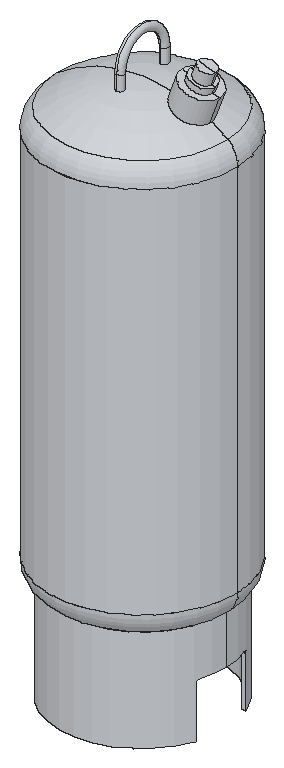
Revit family
Parameters (values of type "ST-50-L 150# W.P. 10 BAR")
  Weight = "76 lbs"
  Tank Volume = "13 Gal"
  Tank Only = 31.402"
  Tank Height/Length = 35.063"
  Tank Diameter = 12.000"
  Pipe Connector Diameter = Pipe Connection Radius * 2  # 1.000"
  Pipe Connection Radius = 0.500"
  Model = "ST-50-L"
  Maximum Acceptance Volume = "11 Gal"
  Max Operating Temp = "240 DEG F"
  Max Operating Pressure = "150 PSI"
  Manufacturer = "Amtrol"
  Lifting Ring Location = 3.500" / 2  # 1.750"
  Floor to Elbow Centerline = 1.688"
  Floor to Bottom of Tank = 3.661"
  Bladder/Diaphragm = "Bladder"
  ASME = yes
Reference planes (in)
  plane 1 "Center (Front/Back)": y = 0
  plane 2: z = 0
  plane 3 "Center (Left/Right)": x = 0
Forms (in)
  Revolve 1, solid
    sketch origin (0, 0, 0) x (1, 0, 0) y (0, 0, 1)
      loop
        line (3.20454, 4.357) -> (3.20454, 5.38871)
        arc (3.20454, 5.38871) -> (3.28098, 5.44343) -> (3.30625, 5.53397) r 0.14146
        arc (3.30625, 5.53397) -> (4.36924, 6.00724) -> (5.35602, 6.62385) r 8.34036
        arc (5.35602, 6.62385) -> (5.85151, 7.204) -> (6.02962, 7.94587) r 1.6341
        line (6.02962, 7.94587) -> (6.02962, 32.01863)
        arc (6.02962, 32.01863) -> (5.87295, 32.7404) -> (5.40065, 33.30822) r 1.55337
        arc (5.40065, 33.30822) -> (2.84317, 34.62525) -> (0, 35.063) r 8.95075
        line (0, 35.063) -> (0, 3.661) -> (3.19936, 3.661) -> (3.19936, 4.161) -> (2.165, 4.161) -> (2.165, 4.357) -> (3.20454, 4.357)
      axis (0, 3.661) -> (0, 35.063)
    angle from 0 to 360
  Revolve 2, solid
    sketch origin (0, 0, 0) x (1, 0, 0) y (0, 0, 1)
      loop
        line (3.1094, 34.2955) -> (4.28625, 33.86716) -> (4.88478, 35.51162) -> (4.468, 35.66332) -> (4.59637, 36.01603) -> (4.36507, 36.10022) -> (4.63254, 36.83509) -> (4.10378, 37.02755) -> (3.1094, 34.2955)
      axis (4.10378, 37.02755) -> (3.1094, 34.2955)
    angle from 0 to 360
  Revolve 3, solid
    sketch origin (0, 0, 0) x (1, 0, 0) y (0, 0, 1)
      loop
        line (-5.33638, 0) -> (-5.08638, 0) -> (-5.08638, 7.44707) -> (-5.33638, 7.44707) -> (-5.33638, 0)
      axis (0, 0) -> (0, 7.44707)
    angle from 0 to 360
  Revolve 4, solid
    sketch origin (0, 0, 0) x (1, 0, 0) y (0, 0, 1)
      loop
        line (0.6492, 3.3675) -> (0.6492, 4.19707) -> (0, 4.19707) -> (0, 3.3675) -> (0.6492, 3.3675)
      axis (0, 3.3675) -> (0, 4.19707)
    angle from 0 to 360
  Extrusion 5, void
    sketch origin (0, 0, 0) x (0, 1, 0) y (0, 0, 1)
      loop
        line (0, 3.5) -> (-1.75, 3.5)
        arc (-1.75, 3.5) -> (-1.92678, 3.42678) -> (-2, 3.25) r 0.25
        line (-2, 3.25) -> (-2, -0.25) -> (2, -0.25) -> (2, 3.25)
        arc (2, 3.25) -> (1.92678, 3.42678) -> (1.75, 3.5) r 0.25
        line (1.75, 3.5) -> (0, 3.5)
    from 2.84574 to 12
  Sweep 6, solid
    path origin (0, 0, 0) x (1, 0, 0) y (0, 0, 1)
      loop
        line (0, 3.188) -> (0, 2.886)
        arc (0, 2.886) -> (0.35089, 2.03889) -> (1.198, 1.688) r 1.198
        line (1.198, 1.688) -> (1.5, 1.688)
    profile origin (0, 0, 3.037) x (0, -1, 0) y (1, 0, 0)
      loop
        circle (0, 0) r 0.75
  Sweep 7, solid
    path origin (0, 0, 0) x (0, 1, 0) y (0, 0, 1)
      loop
        line (1.75, 35.08602) -> (1.75, 36.00246)
        arc (1.75, 36.00246) -> (0, 37.75246) -> (-1.75, 36.00246) r 1.75
        line (-1.75, 36.00246) -> (-1.75, 35.08602)
    profile origin (0, 1.75, 35.54424) x (0, -1, 0) y (1, 0, 0)
      loop
        circle (0, 0) r 0.25
Cuts and joins
  Extrusion 5 cuts Revolve 3
  Extrusion 5 cuts Revolve 4
Dimensions and locks (in)
  "Floor to Elbow Centerline": Sweep 6 sketch curve to cut or joined group of Revolve 3, Extrusion 5
  "Lifting Ring Location": Sweep 7 sketch curve to plane 1 "Center (Front/Back)"
  Revolve 1 sketch curve to Revolve 1 sketch curve = 7.39738"
  "Floor to Bottom of Tank": Revolve 1 sketch curve to cut or joined group of Revolve 3, Extrusion 5
  "Tank Only": Revolve 1 sketch curve to Revolve 1 sketch curve
  Revolve 2 sketch curve to Revolve 2 sketch curve = 0.5627"
  Revolve 2 sketch curve to Revolve 2 sketch curve = 2.90738"
  Revolve 2 sketch curve to Revolve 2 sketch curve = 2.12534"
  Revolve 2 sketch curve to Revolve 2 sketch curve = 1.750"
  Revolve 2 sketch curve to Revolve 1 = 1.84853"
  Revolve 2 sketch curve to Revolve 1 = 2.27687"
  aligned and locked: import instance to plane 1 "Center (Front/Back)"
  aligned and locked: import instance to plane 3 "Center (Left/Right)"
Automatic sketch dimensions
  Revolve 4 sketch curve to plane 3 "Center (Left/Right)" = 0.000"  (x2)
  plane 3 "Center (Left/Right)" to Revolve 4 sketch curve = 0.6492"
  level to Revolve 4 sketch curve = 3.3675"
  Revolve 4 sketch curve to Revolve 4 sketch curve = 0.000"
  Revolve 4 sketch curve to Revolve 4 sketch curve = 0.82957"
  Revolve 4 sketch curve to Revolve 4 sketch curve = 1.25068"
  Extrusion 5 sketch curve to plane 1 "Center (Front/Back)" = 0.000"
  plane 1 "Center (Front/Back)" to Extrusion 5 sketch curve = 1.750"
  Extrusion 5 sketch curve to Extrusion 5 sketch curve = 0.250"  (x2)
  Extrusion 5 sketch curve to plane 1 "Center (Front/Back)" = 1.750"
  Extrusion 5 sketch curve to level = 0.250"
  level to Extrusion 5 sketch curve = 3.250"
  Sweep 6 sketch curve to plane 3 "Center (Left/Right)" = 0.000"
  Sweep 6 sketch curve to Sweep 6 sketch curve = 1.198"
  Sweep 6 sketch curve to Sweep 6 sketch curve = 0.302"  (x2)
  plane 1 "Center (Front/Back)" to Sweep 6 sketch curve = 0.000"
  Sweep 6 sketch curve to profile plane = 0.000"
  plane 1 "Center (Front/Back)" to Sweep 7 sketch curve = 0.000"
  level to Sweep 7 sketch curve = 35.08602"
  Sweep 7 sketch curve to Sweep 7 sketch curve = 0.000"
  Sweep 7 sketch curve to Sweep 7 sketch curve = 0.91644"
  Sweep 7 sketch curve to plane 3 "Center (Left/Right)" = 0.000"
  Sweep 7 sketch curve to profile plane = 0.000"
  Revolve 3 sketch curve to level = 0.000"  (x2)
  Revolve 3 sketch curve to plane 3 "Center (Left/Right)" = 0.000"
  Revolve 3 sketch curve to plane 3 "Center (Left/Right)" = 5.08638"
  Revolve 3 sketch curve to Revolve 3 sketch curve = 0.250"
  level to Revolve 3 sketch curve = 7.44707"
  Revolve 3 sketch curve to Revolve 3 sketch curve = 1.05293"
  Revolve 1 sketch curve to plane 3 "Center (Left/Right)" = 0.000"  (x2)
  plane 3 "Center (Left/Right)" to Revolve 1 sketch curve = 0.07724"
  plane 3 "Center (Left/Right)" to Revolve 1 sketch curve = 0.45368"
  plane 3 "Center (Left/Right)" to Revolve 1 sketch curve = 2.165"
  Revolve 1 sketch curve to Revolve 1 sketch curve = 1.0001"
  Revolve 1 sketch curve to Revolve 1 sketch curve = 1.03436"
  Revolve 1 sketch curve to Revolve 1 sketch curve = 0.00518"
  Revolve 1 sketch curve to Revolve 1 sketch curve = 0.14115"
  Revolve 1 sketch curve to Revolve 1 sketch curve = 1.08927"
  Revolve 1 sketch curve to Revolve 1 sketch curve = 0.9605"
  Revolve 1 sketch curve to Revolve 1 sketch curve = 0.000"  (x3)
  Revolve 1 sketch curve to Revolve 1 sketch curve = 0.92386"
  Revolve 1 sketch curve to Revolve 1 sketch curve = 0.62898"
  Revolve 1 sketch curve to Revolve 1 sketch curve = 0.500"
  Revolve 1 sketch curve to Revolve 1 sketch curve = 0.196"
  Revolve 1 sketch curve to Revolve 1 sketch curve = 1.03171"
  Revolve 1 sketch curve to Revolve 1 sketch curve = 0.13585"
  Revolve 1 sketch curve to Revolve 1 sketch curve = 6.0341"
  Revolve 1 sketch curve to Revolve 1 sketch curve = 4.47679"
  plane 3 "Center (Left/Right)" to Revolve 2 sketch curve = 2.7357"
  Revolve 2 sketch curve to Revolve 2 sketch curve = 0.3737"
  Revolve 2 sketch curve to Revolve 2 sketch curve = 0.000"  (x2)
  Revolve 2 sketch curve to Revolve 2 sketch curve = 0.10293"
  Revolve 2 sketch curve to Revolve 2 sketch curve = 0.2313"
  radius of Sweep 6 sketch curve = 0.750"
  radius of Sweep 7 sketch curve = 0.250"
Connectors (in)
  piping at (1.5, 0, 1.688), driven by "Pipe Connection Radius"
    settings: on Sweep 6, index 1
